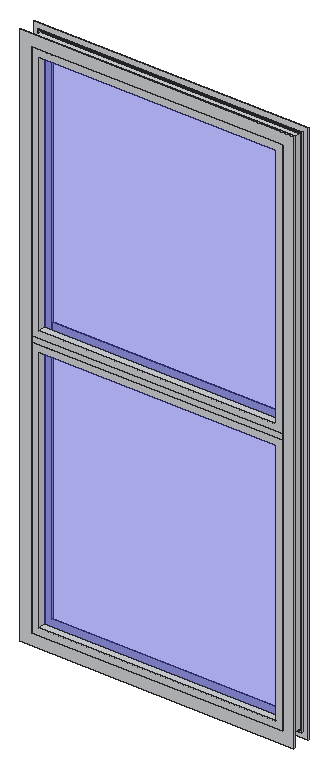
Revit family "1150_Fixed Single Horizontal Rail", category Windows, host Wall, Revit 2023
Family settings
  Host = Wall
  OmniClass Number = 23.30.20.00
  OmniClass Title = Windows
  Always vertical = Yes
  Cut with Voids When Loaded = No
  Shared = No
  Room Calculation Point = No
Parameters
  Height = 5' - 0"
  Glass Material = Glass
  Frame Material = none
  Depth From Exterior = 0' - 1"
  Default Sill Height = 2' - 6"
  Wall Closure = By host
  Width = 2' - 6"
  Bottom Bay Height (Rail Location) = 2' - 3"
Reference planes (in)
  plane 1 "Center (Front/Back)": y = 0
  plane 2: z = 0
  plane 3 "Center (Left/Right)": x = 0
  plane 4 "Left": x = -15
  plane 5 "Right": x = 15
  plane 6 "Sill": z = 30
  plane 7 "Top": z = 90
  plane 8: y = 3
  plane 9: y = 2
  plane 10: y = 0
  plane 11: z = 61.155
  plane 12: z = 60.374
  plane 13: z = 59.812
  plane 14: z = 59.031
  plane 15: z = 32.031
  plane 16: z = 87.969
  plane 17: y = 0.778
Forms (in)
  Sweep 1, solid
    path origin (0, 0, 0) x (1, 0, 0) y (0, 0, 1)
      loop
        line (15, 30) -> (15, 90) -> (-15, 90) -> (-15, 30) -> (15, 30)
    profile origin (0, 0, 30) x (0, 0, -1) y (0, -1, 0)
      loop
        line (-2.031, -2) -> (0, -2) -> (0, -1.9) -> (-0.57, -1.9) -> (-0.57, -1.75) -> (-0.62, -1.75) -> (-0.62, -1.875) -> (-0.813, -1.875) -> (-0.813, -0.677) -> (-0.62, -0.677) -> (-0.62, -0.802) -> (-0.57, -0.802) -> (-0.57, -0.627) -> (-0.82, -0.627) -> (-0.82, -0.127) -> (0, -0.127) -> (0, 0) -> (-1.25, 0) -> (-1.25, -1.875) -> (-2.031, -1.875) -> (-2.031, -2)
  Sweep 2, solid, material "Glass" <- "Glass Material"
    path origin (0, 0, 0) x (0, 1, 0) y (0, 0, 1)
      loop
        line (1.875, 31.25) -> (1.875, 88.75)
    profile origin (0, 1.875, 60) x (0, -1, 0) y (1, 0, 0)
      loop
        line (0, -13.75) -> (0.25, -13.75) -> (0.25, 13.75) -> (0, 13.75) -> (0, -13.75)
      loop
        line (0.75, -13.75) -> (1, -13.75) -> (1, 13.75) -> (0.75, 13.75) -> (0.75, -13.75)
  Sweep 3, solid
    path origin (0, 0, 0) x (1, 0, 0) y (0, 0, 1)
      loop
        line (12.969, 60.94159) -> (-12.969, 60.94159)
    profile origin (0, 0, 60.94159) x (0, 0, -1) y (0, -1, 0)
      loop
        line (-0.21341, -2) -> (1.91059, -2) -> (1.91059, -1.875) -> (-0.21341, -1.875) -> (-0.21341, -2)
  Sweep 4, solid
    path origin (0, 0, 0) x (1, 0, 0) y (0, 0, 1)
      loop
        line (-13.75, 61.28545) -> (13.75, 61.28545)
    profile origin (0, 0, 61.28545) x (0, 0, 1) y (0, -1, 0)
      loop
        line (-0.91145, -1.875) -> (-0.91145, 0) -> (-1.47345, 0) -> (-1.47345, -1.875) -> (-0.91145, -1.875)
  Sweep 5, solid
    path origin (0, 0, 0) x (1, 0, 0) y (0, 0, 1)
      loop
        line (-13.75, 31.25) -> (13.75, 31.25) -> (13.75, 59.812) -> (-13.75, 59.812) -> (-13.75, 31.25)
    profile origin (0, 0, 31.25) x (0, 0, 1) y (0, -1, 0)
      loop
        line (0.7811, 0) -> (0, 0) -> (0, -0.625) -> (0.3586, -0.625) -> (0.3586, -0.778) -> (0.7811, -0.778) -> (0.7811, 0)
  Sweep 6, solid
    path origin (0, 0, 0) x (1, 0, 0) y (0, 0, 1)
      loop
        line (-13.75, 60.374) -> (13.75, 60.374) -> (13.75, 88.75) -> (-13.75, 88.75) -> (-13.75, 60.374)
    profile origin (0, 0, 60.374) x (0, 0, 1) y (0, -1, 0)
      loop
        line (0.7811, 0) -> (0, 0) -> (0, -0.625) -> (0.35138, -0.625) -> (0.35138, -0.778) -> (0.7811, -0.778) -> (0.7811, 0)
Lines and regions (in)
  Opening 1
    outline origin (-60, -3, 0) x (1, 0, 0) y (0, 0, 1)
      loop
        line (45, 90) -> (45, 30) -> (75, 30) -> (75, 90) -> (45, 90)
Text (in)
  text "EXTERIOR" at (-58.6888, 50.90694, 0), in view "Ref. Level"
  text "INTERIOR" at (-58.6888, -37.76638, 0), in view "Ref. Level"
  text "Exterior" at (0, 43.65631, 123.19604), in view "Left"
  text "Exterior" at (0, 18.29385, 125.04747), in view "Right"
Dimensions and locks (in)
  equal spacing: plane 4 "Left", plane 3 "Center (Left/Right)", plane 5 "Right"
  plane 4 "Left" to plane 5 "Right" = 2' - 6"
  "Width": plane 4 "Left" to plane 5 "Right"
  "Height": plane 6 "Sill" to plane 7 "Top"
  "Default Sill Height": plane 2 to plane 6 "Sill"
  "Depth From Exterior": plane 8 to plane 9
  locked: plane 9 to plane 10 at 2
  plane 11 to plane 12 to plane 13 to plane 14 = 0' - 0.781" locked, 0' - 0.562" locked, 0' - 0.781" locked
  "Bottom Bay Height (Rail Location)": plane 15 to plane 14
  locked: plane 16 to plane 7 "Top" at 2.031
  locked: plane 6 "Sill" to plane 15 at 2.031
  locked: plane 17 to plane 10 at 0.778
  aligned and locked: plane 7 "Top" to Opening 1 sketch curve
  aligned and locked: plane 6 "Sill" to Opening 1 sketch curve  (x2)
  aligned and locked: plane 5 "Right" to Opening 1 sketch curve
  aligned and locked: plane 4 "Left" to Opening 1 sketch curve
  aligned and locked: level to plane 2
  aligned and locked: plane 6 "Sill" to Sweep 1 sketch curve
  aligned and locked: plane 4 "Left" to Sweep 1 sketch curve
  aligned and locked: Sweep 1 sketch curve to plane 7 "Top"
  aligned and locked: Sweep 1 sketch curve to plane 5 "Right"
  aligned and locked: Sweep 2 sketch curve to Sweep 1  (x5)
  aligned and locked: plane 8 to host wall
  aligned and locked: plane 9 to Sweep 1
  aligned and locked: plane 10 to Sweep 1
  aligned and locked: Sweep 1 to Sweep 3 sketch curve  (x2)
  aligned and locked: Sweep 3 to plane 9
  aligned and locked: Sweep 1 to Sweep 4 sketch curve  (x2)
  aligned and locked: Sweep 4 to Sweep 3
  aligned and locked: plane 11 to Sweep 3
  aligned and locked: plane 12 to Sweep 4
  aligned and locked: plane 13 to Sweep 4
  aligned and locked: plane 14 to Sweep 3
  aligned and locked: plane 15 to Sweep 1
  aligned and locked: plane 16 to Sweep 1
  aligned and locked: Sweep 5 sketch curve to Sweep 1  (x3)
  aligned and locked: Sweep 5 sketch curve to Sweep 4
  aligned and locked: plane 10 to Sweep 5
  aligned and locked: plane 17 to Sweep 5
  aligned and locked: Sweep 6 sketch curve to Sweep 4
  aligned and locked: Sweep 6 sketch curve to Sweep 1  (x3)
  aligned and locked: plane 10 to Sweep 6
  aligned and locked: Sweep 6 to plane 17
Automatic sketch dimensions
  profile plane to Sweep 1 sketch curve = 0' - 1 1/4"
  Sweep 1 sketch curve to Sweep 1 sketch curve = 0' - 0.43"
  Sweep 1 sketch curve to Sweep 1 sketch curve = 0' - 0.007"
  Sweep 1 sketch curve to Sweep 1 sketch curve = 0' - 0.193"  (x2)
  Sweep 1 sketch curve to Sweep 1 sketch curve = 0' - 0.05"  (x3)
  Sweep 1 sketch curve to Sweep 1 sketch curve = 0' - 0.82"
  Sweep 1 sketch curve to Sweep 1 sketch curve = 0' - 0.57"
  Sweep 1 sketch curve to plane 1 "Center (Front/Back)" = 0' - 2"
  Sweep 1 sketch curve to Sweep 1 sketch curve = 0' - 0.1"
  Sweep 1 sketch curve to Sweep 1 sketch curve = 0' - 0.025"
  Sweep 1 sketch curve to Sweep 1 sketch curve = 0' - 0"
  Sweep 1 sketch curve to Sweep 1 sketch curve = 0' - 0 1/8"  (x2)
  Sweep 1 sketch curve to Sweep 1 sketch curve = 0' - 0.948"
  Sweep 1 sketch curve to Sweep 1 sketch curve = 0' - 0 1/2"
  Sweep 1 sketch curve to Sweep 1 sketch curve = 0' - 0.127"
  Sweep 1 sketch curve to Sweep 1 sketch curve = 0' - 0.781"
  Sweep 2 sketch curve to plane 6 "Sill" = 0' - 1 1/4"
  plane 7 "Top" to Sweep 2 sketch curve = 0' - 1 1/4"
  profile plane to Sweep 2 sketch curve = 0' - 0"
  Sweep 2 sketch curve to Sweep 2 sketch curve = 0' - 0 1/4"  (x2)
  Sweep 2 sketch curve to Sweep 2 sketch curve = 0' - 0 1/2"
  plane 7 "Top" to Sweep 3 sketch curve = 2' - 5.05841"
  profile plane to Sweep 3 sketch curve = 0' - 0.21341"
  Sweep 3 sketch curve to Sweep 3 sketch curve = 0' - 2.124"
  Sweep 3 sketch curve to plane 1 "Center (Front/Back)" = 0' - 1 7/8"
  Sweep 3 sketch curve to Sweep 3 sketch curve = 0' - 0 1/8"
  plane 7 "Top" to Sweep 4 sketch curve = 2' - 4.71455"
  profile plane to Sweep 4 sketch curve = 0' - 1.47345"
  Sweep 4 sketch curve to plane 1 "Center (Front/Back)" = 0' - 1 7/8"
  Sweep 4 sketch curve to Sweep 4 sketch curve = 0' - 1 7/8"
  Sweep 4 sketch curve to Sweep 4 sketch curve = 0' - 0.562"
  Sweep 5 sketch curve to profile plane = 0' - 0"
  Sweep 5 sketch curve to Sweep 5 sketch curve = 0' - 0.3586"
  Sweep 5 sketch curve to Sweep 5 sketch curve = 0' - 0.4225"
  Sweep 5 sketch curve to plane 1 "Center (Front/Back)" = 0' - 0.778"
  Sweep 5 sketch curve to Sweep 5 sketch curve = 0' - 0.153"
  Sweep 5 sketch curve to Sweep 5 sketch curve = 0' - 0 5/8"
  profile plane to Sweep 6 sketch curve = 0' - 0"
  Sweep 6 sketch curve to Sweep 6 sketch curve = 0' - 0.35138"
  Sweep 6 sketch curve to Sweep 6 sketch curve = 0' - 0.42972"
  Sweep 6 sketch curve to plane 1 "Center (Front/Back)" = 0' - 0.778"
  Sweep 6 sketch curve to Sweep 6 sketch curve = 0' - 0.153"
  Sweep 6 sketch curve to Sweep 6 sketch curve = 0' - 0 5/8"
